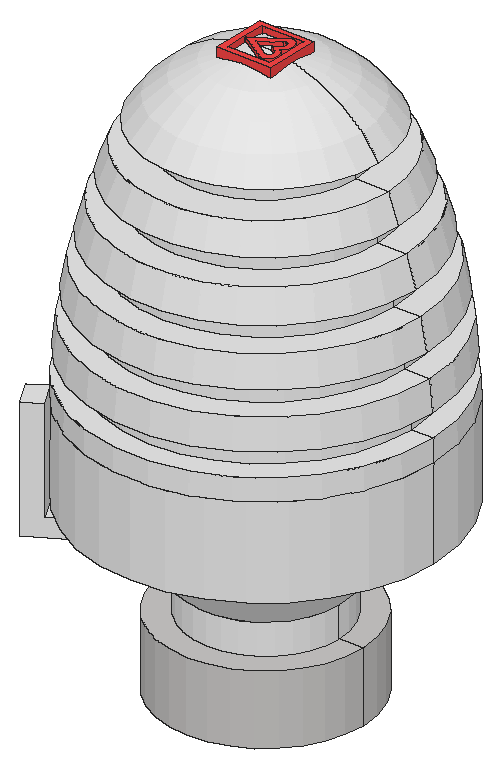
Revit family "HERZ-Design-Thermostatic Sensor M28x1.5 9230", category Rohrzubehör, Revit 2021
Family settings
  Bemaßung runder Anschluss = Durchmesser verwenden
  Teiletyp = Normal
  OmniClass-Nummer = 23.65.55.14
  OmniClass-Titel = Valves for Liquid Services
  Arbeitsebenenbasiert = Nein
  Immer vertikal = Nein
  Beim Laden mit Abzugskörper schneiden = Nein
  Gemeinsam genutzt = Nein
Parameters
  Vorgabe-Ansicht = 0.000 mm
  URL = "www.herzvalves.com"
  Part number = 1923006  # constant formula
  Operation = "The HERZ thermostat serves as a room temperature sensing and control unit.\r\nThe change in volume of the liquid contained in the hydrosensor actuates the valve spindle."
  Model = "Radiator Thermostat With Hydrosensor (liquid filled)\r\nWith shutoff (0) postion, adjustable frost release, limitation and locking of selected temperature range, handwheel white."
  Frost protection setpoint range = "6-30°C"  # constant formula
  Set value range = "0-30°C"  # constant formula
  S02 = 60.000 mm  # constant formula
  S01 = 90.000 mm  # constant formula
  Hersteller = "HERZ Armaturen Ges.m.b.H."  # constant formula
  Hand wheel = "plastic, white"  # constant formula
  Frost protection = 6 °C  # constant formula
  Application = "Suitable for mounting on all HERZ thermostatic valves."
Reference planes
  plane 1 "Mitte (Vorne/hinten)": y = 0
  plane 2: z = 0
  plane 3 "Mitte (Links/rechts)": x = 0
Forms (mm)
  Revolve 1, solid, material "Kunststoff weiß", detail levels fine
    sketch origin (0, 0, 0) x (1, 0, 0) y (0, 0, 1)
      loop
        line (0, 0) -> (0, 90)
        arc (0, 90) -> (-10.767, 87.197) -> (-18.8, 79.5) r 22.08
        arc (-18.8, 79.5) -> (-25.672, 59.356) -> (-28, 38.2) r 97.301
        line (-28, 38.2) -> (-28, 23.2) -> (-23.25, 23.2) -> (-23.25, 20.5) -> (-20.4, 20.5) -> (-20.4, 19.7) -> (-12.2, 11.5) -> (-12.2, 4.8) -> (-13.2, 4.8) -> (-13.2, 0) -> (0, 0)
      axis (0, 90) -> (0, 0)
    angle from 0 to 360
  Extrusion 2, solid, material "Kunststoff weiß", detail levels fine
    sketch origin (0, 0, 0) x (0.866025, 0.5, 0) y (0, 0, 1)
      loop
        line (-28.5, 36.04) -> (-31.75, 36.04) -> (-31.75, 16.2) -> (-20.85, 16.2) -> (-20.85, 20.5) -> (-23.25, 20.5) -> (-23.25, 21.5) -> (-24.578, 19.2) -> (-28.5, 19.2) -> (-28.5, 36.04)
    from 2.5 to -2.5
  Extrusion 3, solid, material "Kunststoff weiß", detail levels fine
    sketch origin (0, 0, 0) x (0, 1, 0) y (0, 0, 1)
      loop
        arc (0.75, 19.2) -> (1.987, 19.713) -> (2.5, 20.95) r 1.75
        line (2.5, 20.95) -> (2.5, 32.2) -> (-2.5, 32.2) -> (-2.5, 20.95)
        arc (-2.5, 20.95) -> (-1.987, 19.713) -> (-0.75, 19.2) r 1.75
        line (-0.75, 19.2) -> (0.75, 19.2)
    from 0 to -31.5
  Revolve 4, solid, material "Messing verzinkt", detail levels fine
    sketch origin (0, 0, 0) x (1, 0, 0) y (0, 0, 1)
      loop
        line (0, 0) -> (0, 6.5) -> (-16.25, 6.5) -> (-16.25, -5) -> (-14, -5) -> (-14, 0) -> (0, 0)
      axis (0, 6.5) -> (0, -5)
    angle from 0 to 360
  Revolve 5, void
    sketch origin (0, 0, 0) x (1, 0, 0) y (0, 0, 1)
      loop
        arc (-18.8, 79.5) -> (-19.64, 77.659) -> (-20.442, 75.8) r 97.301
        line (-20.442, 75.8) -> (-14.951, 75.8) -> (-14.951, 79.5) -> (-18.8, 79.5)
      loop
        line (-27.933, 41.8) -> (-24.226, 41.8) -> (-24.226, 45.5) -> (-27.726, 45.5)
        arc (-27.726, 45.5) -> (-27.847, 43.651) -> (-27.933, 41.8) r 97.301
      loop
        arc (-22.197, 71.3) -> (-22.843, 69.456) -> (-23.452, 67.6) r 97.301
        line (-23.452, 67.6) -> (-18.697, 67.6) -> (-18.697, 71.3) -> (-22.197, 71.3)
      loop
        arc (-24.865, 62.7) -> (-25.326, 60.854) -> (-25.751, 59) r 97.301
        line (-25.751, 59) -> (-21.365, 59) -> (-21.365, 62.7) -> (-24.865, 62.7)
      loop
        arc (-26.692, 54.1) -> (-26.98, 52.253) -> (-27.232, 50.4) r 97.301
        line (-27.232, 50.4) -> (-23.192, 50.4) -> (-23.192, 54.1) -> (-26.692, 54.1)
      axis (0, 79.5) -> (0, 41.8)
    angle from 0 to 360
Cuts and joins
  Revolve 5 cuts Revolve 1
Lines and regions (mm)
  model lines, detail levels coarse+medium
    curve 1: line (0, 0, 0) -> (0, 0, 30)
    curve 2: line (0, 0, 0) -> (30, 0, 0)
    curve 3: circle (0, 0, 60) r 30 normal (0, -1, 0)
    curve 4: circle (0, 0, 60) r 30 normal (1, 0, 0)
    curve 5: line (0, 0, 40) -> (0, 0, 80)
    curve 6: line (0, 17.5, 80) -> (0, -17.5, 80)
    curve 7: line (0, 0, 40) -> (0, 0, 80)
    curve 8: line (-17.5, 0, 80) -> (17.5, 0, 80)
    curve 9: circle (60, 0, 0) r 30 normal (0, 0, 1)
    curve 10: line (40, 0, 0) -> (80, 0, 0)
    curve 11: line (80, 17.5, 0) -> (80, -17.5, 0)
Dimensions and locks
  nested 1 to plane 2 = 89.000 mm
  "S01": curve 4 to plane 2
  "S01": curve 3 to plane 2
  "S01": plane 3 "Mitte (Links/rechts)" to curve 9
  "S02": diameter of curve 3
  "S02": diameter of curve 4
  "S02": diameter of curve 9
  aligned and locked: level to plane 2
Automatic sketch dimensions
  Revolve 1 sketch curve to level = 0.000 mm
  Revolve 1 sketch curve to plane 3 "Mitte (Links/rechts)" = 0.000 mm  (x2)
  Revolve 1 sketch curve to plane 3 "Mitte (Links/rechts)" = 12.200 mm
  Revolve 1 sketch curve to Revolve 1 sketch curve = 1.000 mm
  Revolve 1 sketch curve to Revolve 1 sketch curve = 8.200 mm  (x2)
  Revolve 1 sketch curve to Revolve 1 sketch curve = 2.850 mm
  Revolve 1 sketch curve to Revolve 1 sketch curve = 4.750 mm
  plane 3 "Mitte (Links/rechts)" to Revolve 1 sketch curve = 69.301 mm
  level to Revolve 1 sketch curve = 4.800 mm
  Revolve 1 sketch curve to Revolve 1 sketch curve = 6.700 mm
  Revolve 1 sketch curve to Revolve 1 sketch curve = 0.800 mm
  Revolve 1 sketch curve to Revolve 1 sketch curve = 2.700 mm
  Revolve 1 sketch curve to Revolve 1 sketch curve = 15.000 mm
  Revolve 1 sketch curve to Revolve 1 sketch curve = 29.720 mm
  Revolve 1 sketch curve to Revolve 1 sketch curve = 22.080 mm
  Revolve 1 sketch curve to level = 366.045 mm
  Revolve 1 sketch curve to Revolve 1 sketch curve = 0.000 mm
  level to Extrusion 2 sketch curve = 36.040 mm
  Extrusion 2 sketch curve to Extrusion 2 sketch curve = 3.250 mm
  Extrusion 2 sketch curve to Extrusion 2 sketch curve = 3.922 mm
  level to Extrusion 2 sketch curve = 21.500 mm
  Extrusion 2 sketch curve to Extrusion 2 sketch curve = 1.328 mm
  Extrusion 2 sketch curve to Extrusion 2 sketch curve = 3.728 mm
  Extrusion 2 sketch curve to Extrusion 2 sketch curve = 1.000 mm
  Extrusion 2 sketch curve to Extrusion 2 sketch curve = 1.300 mm
  Extrusion 2 sketch curve to Extrusion 2 sketch curve = 3.000 mm
  plane 1 "Mitte (Vorne/hinten)" to Extrusion 3 sketch curve = 2.500 mm
  plane 1 "Mitte (Vorne/hinten)" to Extrusion 3 sketch curve = 0.750 mm
  Extrusion 3 sketch curve to plane 1 "Mitte (Vorne/hinten)" = 0.750 mm
  Extrusion 3 sketch curve to plane 1 "Mitte (Vorne/hinten)" = 2.500 mm
  level to Extrusion 3 sketch curve = 19.200 mm
  Extrusion 3 sketch curve to Extrusion 3 sketch curve = 11.250 mm
  Revolve 4 sketch curve to level = 0.000 mm
  Revolve 4 sketch curve to plane 3 "Mitte (Links/rechts)" = 0.000 mm  (x2)
  Revolve 4 sketch curve to level = 5.000 mm
  Revolve 4 sketch curve to plane 3 "Mitte (Links/rechts)" = 14.000 mm
  Revolve 4 sketch curve to Revolve 4 sketch curve = 2.250 mm
  level to Revolve 4 sketch curve = 6.500 mm
  Revolve 4 sketch curve to Revolve 4 sketch curve = 361.045 mm
  Revolve 4 sketch curve to Revolve 4 sketch curve = 2207.815 mm
  Revolve 5 sketch curve to Revolve 5 sketch curve = 0.000 mm  (x20)
  Revolve 5 sketch curve to plane 3 "Mitte (Links/rechts)" = 0.000 mm
  Revolve 5 sketch curve to plane 3 "Mitte (Links/rechts)" = 14.951 mm
  Revolve 5 sketch curve to Revolve 5 sketch curve = 3.746 mm
  Revolve 5 sketch curve to Revolve 5 sketch curve = 3.849 mm
  Revolve 5 sketch curve to Revolve 5 sketch curve = 1.642 mm
  Revolve 5 sketch curve to Revolve 5 sketch curve = 2.668 mm
  Revolve 5 sketch curve to Revolve 5 sketch curve = 3.500 mm  (x4)
  Revolve 5 sketch curve to Revolve 5 sketch curve = 1.827 mm
  Revolve 5 sketch curve to Revolve 5 sketch curve = 1.255 mm
  Revolve 5 sketch curve to Revolve 5 sketch curve = 1.034 mm
  Revolve 5 sketch curve to Revolve 5 sketch curve = 0.886 mm
  Revolve 5 sketch curve to Revolve 5 sketch curve = 0.540 mm
  Revolve 5 sketch curve to Revolve 5 sketch curve = 0.208 mm
  level to Revolve 5 sketch curve = 38.200 mm
  plane 3 "Mitte (Links/rechts)" to Revolve 5 sketch curve = 69.301 mm
  level to Revolve 5 sketch curve = 41.800 mm
  Revolve 5 sketch curve to Revolve 5 sketch curve = 4.900 mm  (x3)
  Revolve 5 sketch curve to Revolve 5 sketch curve = 4.500 mm
  Revolve 5 sketch curve to level = 366.045 mm
  Revolve 5 sketch curve to Revolve 5 sketch curve = 2134.815 mm
  curve 5 to plane 1 "Mitte (Vorne/hinten)" = 0.000 mm
  curve 4 to plane 1 "Mitte (Vorne/hinten)" = 0.000 mm
  plane 1 "Mitte (Vorne/hinten)" to curve 6 = 17.500 mm
  curve 5 to curve 6 = 17.500 mm
  curve 5 to curve 4 = 20.000 mm
  curve 4 to curve 6 = 20.000 mm
  curve 3 to plane 3 "Mitte (Links/rechts)" = 0.000 mm
  curve 7 to plane 3 "Mitte (Links/rechts)" = 0.000 mm
  curve 1 to plane 3 "Mitte (Links/rechts)" = 0.000 mm
  curve 1 to level = 0.000 mm
  curve 8 to curve 7 = 17.500 mm
  plane 3 "Mitte (Links/rechts)" to curve 8 = 17.500 mm
  curve 1 to curve 7 = 10.000 mm
  curve 3 to curve 8 = 20.000 mm
  plane 1 "Mitte (Vorne/hinten)" to curve 2 = 0.000 mm
  curve 2 to plane 3 "Mitte (Links/rechts)" = 0.000 mm
  plane 1 "Mitte (Vorne/hinten)" to curve 10 = 0.000 mm
  plane 1 "Mitte (Vorne/hinten)" to curve 9 = 0.000 mm
  curve 2 to curve 10 = 10.000 mm
  curve 9 to curve 11 = 20.000 mm
  curve 11 to curve 10 = 17.500 mm
  curve 11 to plane 1 "Mitte (Vorne/hinten)" = 17.500 mm
Nested families
  nested 1: "Herz-Logo" at (0, 0, 89) x (0, -1, 0) z (0, 0, 1), type "Herz-Logo", detail levels fine
Definition of nested family "Herz-Logo"
  Parameters (values of type "Herz-Logo")
    Default Elevation = 0.000 mm
  Reference planes
    plane 1 "Mitte (Vorne/hinten)": y = 0
    plane 2: z = 0
    plane 3 "Mitte (Links/rechts)": x = 0
  Forms (mm)
    Extrusion 1, solid
      sketch origin (0, 0, 0) x (1, 0, 0) y (0, 1, 0)
        loop
          line (-0.018, -4.517) -> (4.482, -4.517) -> (4.482, 4.483) -> (-4.518, 4.483) -> (-4.518, -4.517) -> (-0.018, -4.517)
        loop
          line (-0.05, -3.48) -> (3.482, -3.48) -> (3.482, 3.483) -> (-3.518, 3.483) -> (-3.518, -3.48) -> (-0.05, -3.48)
        loop
          arc (-0.018, 2.383) -> (-1.543, 3.287) -> (-3.067, 2.383) r 1.738
          arc (-3.067, 2.383) -> (-3.191, 1.899) -> (-3.067, 1.415) r 1.009
          line (-3.067, 1.415) -> (-0.018, -3.281) -> (3.032, 1.415)
          arc (3.032, 1.415) -> (3.156, 1.899) -> (3.032, 2.383) r 1.009
          arc (3.032, 2.383) -> (1.507, 3.287) -> (-0.018, 2.383) r 1.738
        loop
          arc (1.885, 1.272) -> (2.005, 1.675) -> (1.885, 2.079) r 0.74
          arc (1.885, 2.079) -> (1.265, 2.416) -> (0.644, 2.079) r 0.74
          line (0.644, 2.079) -> (-0.018, 0.97) -> (-0.679, 2.079)
          arc (-0.679, 2.079) -> (-1.3, 2.416) -> (-1.921, 2.079) r 0.74
          arc (-1.921, 2.079) -> (-2.04, 1.675) -> (-1.921, 1.272) r 0.74
          line (-1.921, 1.272) -> (-0.018, -1.658) -> (1.885, 1.272)
      from 0 to 1.5
  Dimensions and locks
    aligned and locked: level to plane 2
